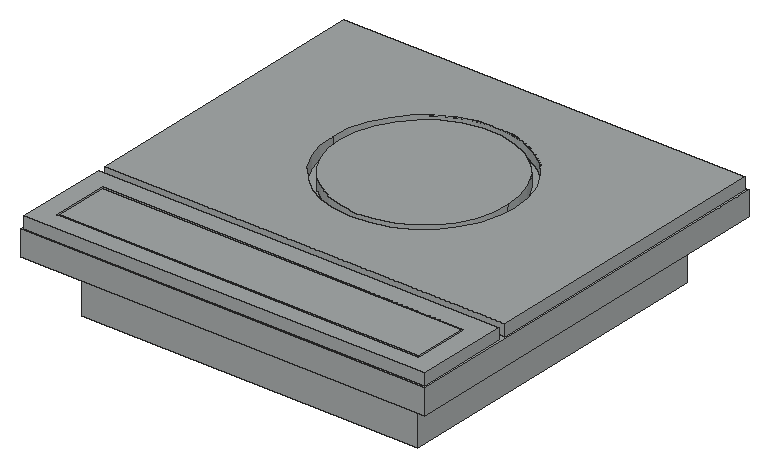
Revit family "Gira_5532926", category Electrical Fixtures, host Face, Revit 2017
Family settings
  Host = Face
  Maintain Annotation Orientation = Yes
  Round Connector Dimension = Use Diameter
  Part Type = Normal
  Cut with Voids When Loaded = No
  Shared = No
  Room Calculation Point = No
Parameters (values of type "Call-btn mod.2-g System 106 alum.")
  Width = "0.1065"
  URL = "http://katalog.gira.de/en/datenblatt.html?artikelnr=5532926"
  Number of bell buttons = "2"
  Name = "Call-btn mod.2-g System 106 alum."
  Model = "Sys106_Abdeckung_Schalten und Tasten"
  Manufacturer URL = "https://www.gira.de/"
  Manufacturer = "Gira"
  Installation technique = "Bus system"
  HeinzeBIM = "https://bimportal.heinze.de/bim/call-btn-mod-2-g-system-106-alum-/5f94fcfe9d0ea495d6c883d37b4789c62ec2c6f7"
  Height = "0.1065"
  HAN = "5532926"
  GTIN = "4010337022589"
  Edelstahl [instance] = Edelstahl
  Description = "C.btn mod.2g S106 AL,System 106 call-button module,2-gang,Aluminium,The Gira System 106 is an installation system made of metal in a puristic and elegant frameless design, based on basic measurements of 106.5 × 106.5 mm. With the modular door intercom in Gira System 106, hospitality begins even before you reach the front door. All the functions are presented in a harmonious overall appearance, from the call button module, intercom module, and camera module, up to the info and blank module. In the dark, backlit call buttons with inscription space ensure good legibility and an attractive appearance.,,Individually adaptable modular system, The System 106 can be used in family homes or apartment buildings, as well as in office buildings, industrial properties, and hotels. The modular design enables the system's size, design, and functionality to be individually adapted to the respective requirements. Expansions and changes are possible at any time by easily exchanging the modules.,With this system, it is also possible to exchange the fronts only. This means that the appearance of the system can be changed from e.g. traffic white to a stainless steel surface at a later stage, without having to exchange the electronic units.,,High-quality materials,The modules are frameless with design fronts made of genuine materials, available in two brushed stainless steel versions (V2A and V4A), anodised aluminium C-0, and a metal alloy lacquered in traffic white (RAL 9016): all robust materials which ensure durability. The camera and DIN 18040 display module feature a black glass cover.,,Easy and phased installation,The system can be installed in phases, in parallel to the progress of building work. In this way, it is possible to initially install only the lower part of a surface-mounted housing during construction of the shell; cables and modules can then be added when they are needed.,,Individual inscription options,Call button modules and info modules can be labelled individually via the Gira inscription service.,,Features:,- Easy-to-use, vandal-proof, and scratch-resistant call buttons.,- Function changes, e.g. from 2-gang to 4-gang, can be easily realised by replacing the buttons.,- Various inscription options possible.,,Notes :,- Professional labelling with the Gira Inscription Service www.marking.gira.com."
  Default Elevation = 1219.2 mm
  Data sheet (1) = "https://katalog.gira.de/en/download.html?artikelnr=5532926"
  Colour = "Silver"
  Category = "Functional module for door communication"
  BIM (1) = "https://media.stage.bim.site/public/gira/36a6b08/Sys106_Abdeckung_Schalten und Tasten.rfa?public/gira/36a6b08/Sys106_Abdeckung_Schalten und Tasten.rfa"
  Available = "No"
Reference planes
  plane 1 "Center (Front/Back)": y = 0
  plane 2 "Reference Level 0": z = 0
  plane 3 "Center (Left/Right)": x = 0
  plane 4 "Reference Level 1": z = 9.5
Forms (mm)
  Extrusion 1, solid, material "Edelstahl" <- "Edelstahl", detail levels coarse
    sketch origin (0, 0, 0) x (1, 0, 0) y (0, 1, 0)
      loop
        line (-53, 53) -> (-53, -53) -> (53, -53) -> (53, 53) -> (-53, 53)
    from -14.7 to 9.5
  Extrusion 2, solid, material "Edelstahl" <- "Edelstahl", detail levels fine
    sketch origin (0, 0, 0) x (1, 0, 0) y (0, 1, 0)
      loop
        line (52.5, -28) -> (-52.5, -28) -> (-52.5, -52.5) -> (52.5, -52.5) -> (52.5, -28)
      loop
        line (-47.5, -48) -> (47.5, -48) -> (47.5, -33) -> (-47.5, -33) -> (-47.5, -48)
    from 6.5 to 9.5
  Extrusion 3, solid, material "Edelstahl" <- "Edelstahl", detail levels fine
    sketch origin (0, 0, 0) x (1, 0, 0) y (0, 1, 0)
      loop
        line (-52.5, 52.5) -> (-52.5, -26) -> (52.5, -26) -> (52.5, 52.5) -> (-52.5, 52.5)
      loop
        circle (0, 13) r 24
    from 6.5 to 9.5
  Extrusion 4, solid, material "Edelstahl" <- "Edelstahl", detail levels medium+fine
    sketch origin (0, 0, 0) x (1, 0, 0) y (0, 1, 0)
      loop
        line (-53, 53) -> (-53, -53) -> (53, -53) -> (53, 53) -> (-53, 53)
    from 0 to 6.5
  Extrusion 5, solid, material "Edelstahl" <- "Edelstahl", detail levels fine
    sketch origin (0, 0, 0) x (1, 0, 0) y (0, 1, 0)
      loop
        line (-44, 44) -> (-44, -44) -> (44, -44) -> (44, 44) -> (-44, 44)
    from -14.7 to 0
  Extrusion 6, solid, material "Edelstahl" <- "Edelstahl", detail levels fine
    sketch origin (0, 0, 0) x (1, 0, 0) y (0, 1, 0)
      loop
        circle (0, 13) r 22
    from 6.5 to 9.5
  Extrusion 7, solid, material "Edelstahl" <- "Edelstahl", detail levels fine
    sketch origin (0, 0, 0) x (1, 0, 0) y (0, 1, 0)
      loop
        line (-47, -33.5) -> (-47, -47.5) -> (47, -47.5) -> (47, -33.5) -> (-47, -33.5)
    from 6.5 to 9.5
  Extrusion 8, solid, material "Edelstahl" <- "Edelstahl", detail levels medium
    sketch origin (0, 0, 0) x (1, 0, 0) y (0, 1, 0)
      loop
        line (-52.5, 52.5) -> (-52.5, -26) -> (52.5, -26) -> (52.5, 52.5) -> (-52.5, 52.5)
      loop
        line (-52.5, -28) -> (-52.5, -52.5) -> (52.5, -52.5) -> (52.5, -28) -> (-52.5, -28)
    from 6.5 to 9.5
  Extrusion 9, solid, material "Edelstahl" <- "Edelstahl", detail levels medium
    sketch origin (0, 0, 0) x (1, 0, 0) y (0, 1, 0)
      loop
        circle (0, 13) r 24
      loop
        line (-47.5, -33) -> (-47.5, -48) -> (47.5, -48) -> (47.5, -33) -> (-47.5, -33)
    from 6.5 to 9.5
Dimensions and locks
  aligned and locked: plane 2 "Reference Level 0" to host face
  aligned and locked: level to host face
  aligned and locked: Extrusion 4 to host face
  aligned and locked: Extrusion 4 to level
  aligned and locked: level to Extrusion 5
  aligned and locked: level to Extrusion 4
  aligned and locked: Extrusion 4 to plane 2 "Reference Level 0"
  aligned and locked: plane 2 "Reference Level 0" to Extrusion 5
  aligned and locked: plane 3 "Center (Left/Right)" to nested 1
  aligned and locked: plane 1 "Center (Front/Back)" to nested 1
Nested families
  nested 1: "Schalter" at (0, 0, 0), type "Schalter"
Connectors
  electrical at (0, 0, -14.7)
    settings: on Extrusion 5, index 1, voltage 220 V, apparent load 0 VA, apparent load phase1 0 VA, apparent load phase2 0 VA, apparent load phase3 0 VA, power factor 1, load classification "Other", number of poles 1, system type 30, power factor state 1, is connector primary yes, connector utility no, sub classification motor no, connector description ""
Definition of nested family "Schalter"
  Reference planes
    plane 1: y = 0
    plane 2: x = 0
  Lines and regions (mm)
    detail lines
      curve 1: circle (1.375, 2.778, 0) r 0.8 normal (0, 0, 1)
      curve 2: line (1.021, 2.061, 0) -> (0, 0, 0)
      curve 3: line (0, 0, 0) -> (-0.538, 0.266, 0)
  Dimensions and locks
    curve 2 to curve 2 = 2.3 mm
    curve 3 to curve 2 = 0.6 mm
    radius of curve 1 = 0.8 mm
